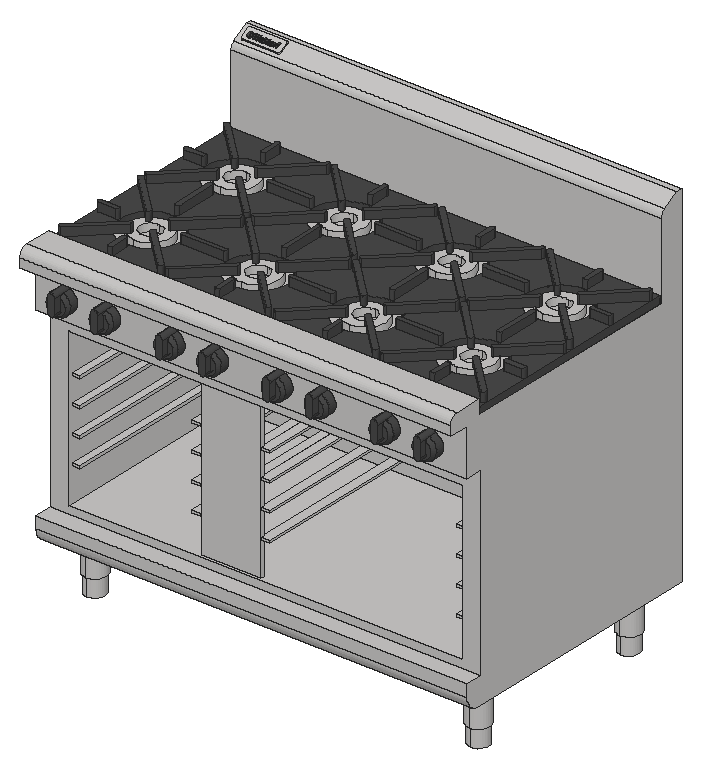
Revit family "QF_MOFFAT WALDORF_RN8800G-CB", category Specialty Equipment, Revit 2012 (continued)
Definition of nested family "RN8800G-CB-CASTERS"
  Forms (mm)
    Extrusion 3, solid, material "QF_Finishes_Stainless Steel", visible <- "Show Casters"
      sketch origin (3.326, 56.335, 0) x (0, 1, 0) y (0, 0, 1)
        loop
          arc (-5.673, 70.75) -> (-7.065, 73.611) -> (-8.887, 76.22) r 20.32
          arc (-8.887, 76.22) -> (-9.399, 85.377) -> (-6.626, 94.119) r 25.4
          line (-6.626, 94.119) -> (8.003, 121.632)
          arc (8.003, 121.632) -> (-2.347, 126.31) -> (-13.34, 129.167) r 66.802
          line (-13.34, 129.167) -> (-13.765, 133.498) -> (-26.871, 133.498) -> (-26.871, 141.118) -> (-85.799, 141.118)
      from 20.058 to 22.923
    Extrusion 4, solid, material "QF_Finishes_Stainless Steel", visible <- "Show Casters"
      sketch origin (-49.224, 56.335, 0) x (0, 1, 0) y (0, 0, 1)
        loop
          line (-85.799, 141.118) -> (-85.799, 133.498) -> (-82.136, 133.498) -> (-18.877, 127.964) -> (7.14, 120.01) -> (8.003, 121.632)
          arc (8.003, 121.632) -> (-2.347, 126.31) -> (-13.34, 129.167) r 66.802
          line (-13.34, 129.167) -> (-13.765, 133.498) -> (-26.871, 133.498) -> (-26.871, 141.118) -> (-85.799, 141.118)
      from 26.098 to 72.56
    Revolve 5, solid, material "QF_Finishes_Stainless Steel", visible <- "Show Casters"
      sketch origin (-49.224, 30.821, 0) x (1, 0, 0) y (0, 0, 1)
        loop
          line (14.841, 63.604) -> (83.584, 63.604) -> (83.584, 67.109) -> (82.314, 68.379) -> (80.79, 68.379) -> (80.79, 71.826) -> (68.644, 71.826) -> (68.644, 81.79) -> (65.088, 83.843) -> (61.683, 104.879) -> (65.881, 104.879) -> (65.881, 111.229) -> (65.088, 111.229) -> (65.088, 117.579)
          arc (65.088, 117.579) -> (62.298, 124.314) -> (55.563, 127.104) r 9.525
          line (55.563, 127.104) -> (42.863, 127.104)
          arc (42.863, 127.104) -> (36.127, 124.314) -> (33.338, 117.579) r 9.525
          line (33.338, 117.579) -> (33.338, 111.229) -> (32.544, 111.229) -> (32.544, 104.879) -> (36.742, 104.879) -> (33.352, 83.932) -> (29.782, 81.871) -> (29.782, 71.826) -> (17.635, 71.826) -> (17.635, 68.379) -> (16.111, 68.379) -> (14.841, 67.109) -> (14.841, 63.604)
        axis (14.841, 63.604) -> (83.584, 63.604)
      angle from 0 to 360
  Cuts and joins
    joined: Extrusion 2, Extrusion 3, Extrusion 4
  Lines and regions (mm)
    symbolic lines, style "SpecialityEquipmentHiddenLines", visible <- "Show Casters"
      curve 1: line (18.009, 67.053, 0) -> (45.595, 51.127, 0)
      curve 2: line (-45.491, -42.932, 0) -> (18.009, 67.053, 0)
      curve 3: line (-17.905, -58.859, 0) -> (-45.491, -42.932, 0)
      curve 4: line (45.595, 51.127, 0) -> (-17.905, -58.859, 0)
  Dimensions and locks
    plane 4 "TOP" to level = 177.8 mm  (x2)
    Revolve 5 sketch curve to Revolve 5 sketch curve = 63.5 mm
    aligned and locked: level to plane 1
